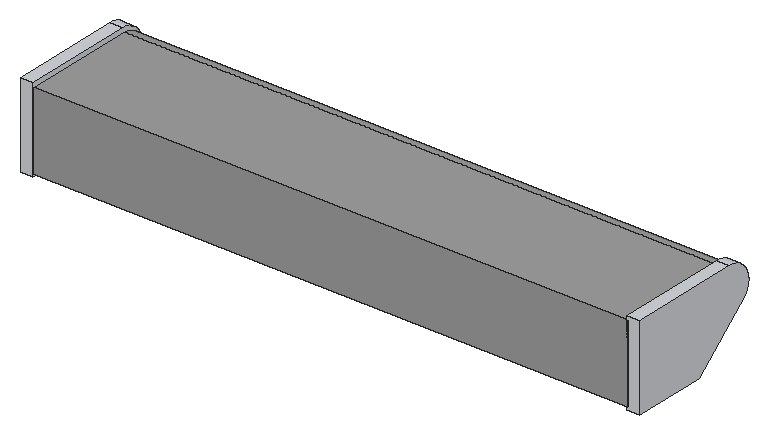
Revit family "5010-24", category Lighting Fixtures, Revit 2016
Family settings
  Part Type = Normal
  Round Connector Dimension = Use Diameter
  OmniClass Number = 23.80.70.00
  OmniClass Title = Lighting
  Work Plane-Based = No
  Always vertical = Yes
  Cut with Voids When Loaded = No
  Light Source = Yes
  Shared = No
  Room Calculation Point = No
Parameters
  Wattage = 12.1178 W
  built-in parameter 1150110 = 1 (stored number, unit not read)
  built-in parameter 1114217 = 1 (stored number, unit not read)
  built-in parameter 1150109 = 1 (stored number, unit not read)
  built-in parameter 1150134 = (empty or 0)
  built-in parameter 1150113 = 1 (stored number, unit not read)
  Lumens = 1800 lm
  built-in parameter 1150115 = 1 (stored number, unit not read)
  built-in parameter 1150105 = 143.24 (stored number, unit not read)
  Light Source Symbol Size = 2' - 0"
  built-in parameter 1150137 = (empty or 0)
  built-in parameter 1150139 = (empty or 0)
  built-in parameter 1150112 = 1 (stored number, unit not read)
  built-in parameter 1150114 = 1 (stored number, unit not read)
  built-in parameter 1150132 = 2
  built-in parameter 1150102 = (empty or 0)
  built-in parameter 1150138 = (empty or 0)
  built-in parameter 1150107 = 3000 (stored number, unit not read)
  built-in parameter 1150106 = 1.4324 (stored number, unit not read)
  built-in parameter 1150104 = 13.8 (stored number, unit not read)
  Dimming Lamp Color Temperature Shift = (empty or 0)
  Color Filter = 16777215
  built-in parameter 1114218 = 1 (stored number, unit not read)
  built-in parameter 1150133 = 10 (stored number, unit not read)
Reference planes (in)
  plane 1 "Light Source Axis (F/B)": y = 0
  plane 2: z = 0
  plane 3 "Light Source Axis (L/R)": x = 0
  plane 4 "Light Source Elevation": z = 54
  plane 5: x = -12
  plane 6: x = 12
  plane 7: x = -11.495
Forms (in)
  Extrusion 1, solid
    sketch origin (12, -180, 0) x (0, 0, -1) y (0, 1, 0)
      loop
        line (0, 180) -> (0, 182.82843) -> (-1.89434, 185.08602)
        arc (-1.89434, 185.08602) -> (-2.81416, 185.13057) -> (-3.25, 184.31933) r 0.86258
        line (-3.25, 184.31933) -> (-3.25, 180) -> (0, 180)
    from -0.505 to -0.005
  Extrusion 2, solid, material "Acrylic-Brownlee"
    sketch origin (-11.495, -180, 3.25) x (0, 0, 1) y (0, -1, 0)
      loop
        line (-3.15, -180) -> (-3.15, -182.81201) -> (-1.38233, -184.91864)
        arc (-1.38233, -184.91864) -> (-0.59341, -185.06634) -> (-0.15, -184.39731) r 0.72644
        line (-0.15, -184.39731) -> (-0.15, -180) -> (-3.15, -180)
    from 0 to 23
  Extrusion 3, solid
    sketch origin (-12, -180, 0) x (0, 0, -1) y (0, -1, 0)
      loop
        line (0, -180) -> (-3.25, -180) -> (-3.25, -184.31933)
        arc (-3.25, -184.31933) -> (-2.81416, -185.13057) -> (-1.89434, -185.08602) r 0.86258
        line (-1.89434, -185.08602) -> (0, -182.82843) -> (0, -180)
    from -0.505 to -0.005
Dimensions and locks (in)
  aligned and locked: plane 3 "Light Source Axis (L/R)" to imposter light
  aligned and locked: plane 1 "Light Source Axis (F/B)" to imposter light
  aligned and locked: plane 4 "Light Source Elevation" to imposter light
  aligned and locked: level to plane 2
